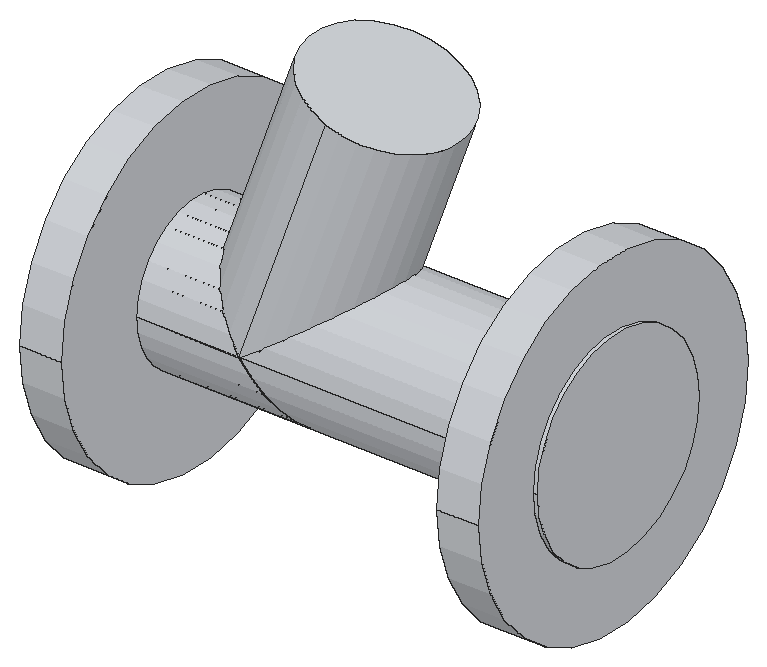
Revit family "447-DN050-RFA_2018", category Pipe Accessories, Revit 2018
Family settings
  Round Connector Dimension = Use Diameter
  Part Type = Valve - Breaks Into
  Work Plane-Based = No
  Always vertical = Yes
  Cut with Voids When Loaded = No
  Shared = No
Parameters (values of type "447-DN050")
  magiProductId = "5ed7087ff739473a8b86e2dbbe5062"
  magiProductFamilyId = "b72cb932c1b3471491e3d369876ba1"
  magiPartTypeId = 304
  isMeasuringValve [instance] = no
  ang2D [instance] = 0.00°
  X2 = 42.71 mm
  X1 = 32.2 mm
  W2D = 100 mm
  VersionID = "2.0/2017.9.26.1/ZETKAMA_447_001"
  Use Minimum Symbol Size [instance] = yes
  URL = "http://www.hydronix.cz"
  Type Comments = "přírubový; PN16; -10~+120°C"
  S = 99 mm
  QmdConnectorList = "301;D;302;D"
  Productdata [instance] = ""
  Manufacturer = "Hydronix"
  MC Product Code = "447 050 (DN50; PN16 kvs32,15)"
  MC Piping Given Pressure Drop [instance] = 0.0 Pa
  LM1 = 18.4 mm
  LM = 184 mm
  L2D_Min = 3048 mm
  L2D = 350 mm
  L2 = 115 mm
  HH1 = 117.345 mm
  FD = 165 mm
  Description = "Ruční vyvažovací ventil přírubový; DN50; PN16; kvs32,15"
  DT = 74 mm
  D = 50 mm
  CC = 2.3 mm
  CAT0 = yes
  C1 = 20.7 mm
  C = 23 mm
Types (10, lengths in mm): name | magiProductId | X2 | X1 | S | MC Product Code | LM1 | LM | L2 | HH1 | FD | Description | DT | D | CC | C1 | C
  447-DN100 | "98b46d48787042dd9a812fc0797c69" | 79.261 | 49 | 156 | "447 100 (DN100; PN16 kvs184,7)" | 28 | 280 | 175 | 217.769 | 220 | "Ruční vyvažovací ventil přírubový; DN100; PN16; kvs184,7" | 130 | 100 | 3.5 | 31.5 | 35
  447-DN125 | "02b47ccb17f74d08923d86f3fe118e" | 86.541 | 56 | 184 | "447 125 (DN125; PN16 kvs285,1)" | 32 | 320 | 200 | 237.769 | 250 | "Ruční vyvažovací ventil přírubový; DN125; PN16; kvs285,1" | 130 | 125 | 4 | 36 | 40
  447-DN150 | "7f7b5672e2b748ca8839732ddacd1d" | 95.64 | 67.2 | 211 | "447 150 (DN150; PN16 kvs390,2)" | 38.4 | 384 | 240 | 262.769 | 285 | "Ruční vyvažovací ventil přírubový; DN150; PN16; kvs390,2" | 130 | 150 | 4.8 | 43.2 | 48
  447-DN200 | "e1019e6fc9b647ceac6d31797e2f53" | 155.411 | 84 | 266 | "447 200 (DN200; PN16 kvs710)" | 48 | 480 | 300 | 426.987 | 340 | "Ruční vyvažovací ventil přírubový; DN200; PN16; kvs710" | 310 | 200 | 6 | 54 | 60
  447-DN250 | "a0eac83e29f84220b7ba68901aa49e" | 171.789 | 102.2 | 319 | "447 250 (DN250; PN16 kvs1188)" | 58.4 | 584 | 365 | 471.987 | 405 | "Ruční vyvažovací ventil přírubový; DN250; PN16; kvs1188" | 310 | 250 | 7.3 | 65.7 | 73
  447-DN300 | "476300b2e87f4f20bd49d272c44436" | 175.429 | 119 | 370 | "447 300 (DN300; PN16 kvs1504)" | 68 | 680 | 425 | 481.987 | 460 | "Ruční vyvažovací ventil přírubový; DN300; PN16; kvs1504" | 310 | 300 | 8.5 | 76.5 | 85
  447-DN040 | "1b02107dafeb4f5588628c478854c2" | 42.71 | 28 | 84 | "447 040 (DN40; PN16 kvs22,36)" | 16 | 160 | 100 | 117.345 | 150 | "Ruční vyvažovací ventil přírubový; DN40; PN16; kvs22,36" | 74 | 40 | 2 | 18 | 20
  447-DN050 | "5ed7087ff739473a8b86e2dbbe5062" | 42.71 | 32.2 | 99 | "447 050 (DN50; PN16 kvs32,15)" | 18.4 | 184 | 115 | 117.345 | 165 | "Ruční vyvažovací ventil přírubový; DN50; PN16; kvs32,15" | 74 | 50 | 2.3 | 20.7 | 23
  447-DN065 | "bd77367604f142d88050bf73c88c7b" | 71.982 | 40.6 | 118 | "447 065 (DN65; PN16 kvs88,8)" | 23.2 | 232 | 145 | 197.769 | 185 | "Ruční vyvažovací ventil přírubový; DN65; PN16; kvs88,8" | 130 | 65 | 2.9 | 26.1 | 29
  447-DN080 | "7399fcf493614c92ad9035a8ac3adf" | 71.982 | 43.4 | 132 | "447 080 (DN80; PN16 kvs113,4)" | 24.8 | 248 | 155 | 197.769 | 200 | "Ruční vyvažovací ventil přírubový; DN80; PN16; kvs113,4" | 130 | 80 | 3.1 | 27.9 | 31
Reference planes
  plane 1 "Center (Front/Back)": y = 0
  plane 2 "XYPLANE": z = 0
  plane 3 "Center (Left/Right)": x = 0
  plane 4 "110": x = 1.31
  plane 5 "109": z = 117.345
  plane 6 "108": x = -41.4
  plane 7 "107": x = 112.7
  plane 8 "106": x = -112.7
  plane 9 "105": z = 0
  plane 10 "104": y = 0
  plane 11 "103": x = -115
  plane 12 "102": x = 115
  plane 13 "100": x = -92
  plane 14 "99": x = 92
  plane 15 "98": x = -73.6
Forms (mm)
  Extrusion 1, solid, visible <- "CAT0"
    sketch origin (-92, -750, 0) x (0, 1, 0) y (0, 0, 1)
      loop
        circle (750, 0) r 37
    from 0 to 184 <- "LM"
  Sweep 2, solid, visible <- "CAT0"
    path origin (750, 0, 0) x (-1, 0, 0) y (0, 0, 1)
      loop
        line (842, 0) -> (791.4, 0) -> (748.69, 117.345)
    profile origin (-92, 0, 0) x (0, 0, -1) y (0, 1, 0)
      loop
        circle (0, 0) r 37
  Extrusion 3, solid
    sketch origin (112.7, -750, 0) x (0, 1, 0) y (0, 0, 1)
      loop
        circle (750, 0) r 49.5
    from 0 to 2.3 <- "CC"
  Extrusion 4, solid
    sketch origin (92, -750, 0) x (0, 1, 0) y (0, 0, 1)
      loop
        circle (750, 0) r 82.5
    from 0 to 20.7 <- "C1"
  Extrusion 5, solid
    sketch origin (-112.7, -750, 0) x (0, 1, 0) y (0, 0, 1)
      loop
        circle (750, 0) r 82.5
    from 0 to 20.7 <- "C1"
  Extrusion 6, solid
    sketch origin (-115, -750, 0) x (0, 1, 0) y (0, 0, 1)
      loop
        circle (750, 0) r 49.5
    from 0 to 2.3 <- "CC"
  Extrusion 7, solid, not visible
    sketch origin (-115, -750, 0) x (0, 1, 0) y (0, 0, 1)
      loop
        circle (750, 0) r 10
    from 0 to 10
  Extrusion 8, solid, not visible
    sketch origin (115, -750, 0) x (0, 1, 0) y (0, 0, 1)
      loop
        circle (750, 0) r 10
    from 0 to -10
Lines and regions (mm)
  reference lines, not visible
    curve 1: circle (2, 2, 0) r 1 normal (0, 0, 1)
Dimensions and locks
  plane 1 "Center (Front/Back)" to curve 1 = 2 mm
  "X2": plane 6 "108" to plane 4 "110"
  "HH1": plane 2 "XYPLANE" to plane 5 "109"
  "X1": plane 15 "98" to plane 6 "108"
  "C1": plane 14 "99" to plane 7 "107"
  "CC": plane 11 "103" to plane 8 "106"
  locked: plane 2 "XYPLANE" to plane 9 "105"
  locked: plane 1 "Center (Front/Back)" to plane 10 "104"
  "L2": plane 3 "Center (Left/Right)" to plane 11 "103"
  "L2": plane 3 "Center (Left/Right)" to plane 12 "102"
  "C": plane 11 "103" to plane 13 "100"
  "LM": plane 13 "100" to plane 14 "99"
  "LM1": plane 13 "100" to plane 15 "98"
  Sweep 2 sketch curve to Sweep 2 sketch curve = 0 mm  (x2)
  "DT": diameter of Extrusion 1 sketch curve
  "DT": diameter of Sweep 2 sketch curve
  "S": diameter of Extrusion 3 sketch curve
  "FD": diameter of Extrusion 4 sketch curve
  "FD": diameter of Extrusion 5 sketch curve
  "S": diameter of Extrusion 6 sketch curve
  aligned and locked: level to plane 2 "XYPLANE"
  aligned and locked: plane 9 "105" to Extrusion 1 sketch curve
  aligned and locked: Extrusion 1 sketch curve to plane 10 "104"
  aligned and locked: plane 9 "105" to Sweep 2 sketch curve  (x3)
  aligned and locked: Sweep 2 sketch curve to plane 10 "104"
  aligned and locked: plane 13 "100" to Sweep 2 sketch curve
  aligned and locked: plane 6 "108" to Sweep 2 sketch curve
  aligned and locked: plane 4 "110" to Sweep 2 sketch curve
  aligned and locked: plane 5 "109" to Sweep 2 sketch curve
  aligned and locked: plane 9 "105" to Extrusion 3 sketch curve
  aligned and locked: Extrusion 3 sketch curve to plane 10 "104"
  aligned and locked: plane 9 "105" to Extrusion 4 sketch curve
  aligned and locked: Extrusion 4 sketch curve to plane 10 "104"
  aligned and locked: plane 9 "105" to Extrusion 5 sketch curve
  aligned and locked: Extrusion 5 sketch curve to plane 10 "104"
  aligned and locked: plane 9 "105" to Extrusion 6 sketch curve
  aligned and locked: Extrusion 6 sketch curve to plane 10 "104"
  aligned and locked: plane 9 "105" to Extrusion 7 sketch curve
  aligned and locked: Extrusion 7 sketch curve to plane 10 "104"
  aligned and locked: plane 9 "105" to Extrusion 8 sketch curve
  aligned and locked: Extrusion 8 sketch curve to plane 10 "104"
Automatic sketch dimensions
  plane 1 "Center (Front/Back)" to Extrusion 7 sketch curve = 10 mm
  plane 1 "Center (Front/Back)" to Extrusion 8 sketch curve = 10 mm
  plane 3 "Center (Left/Right)" to curve 1 = 2 mm
  radius of curve 1 = 1 mm
Connectors
  piping at (-115, 0, 0), diameter 50, driven by "D"
    settings: on Extrusion 7, index 1, connector inside diameter 609.6 mm, connector length 0 mm, flow factor 0, pipe flow 0.0 L/s, pressure drop 0.0 Pa, fitting loss kfactor 0, connector angle 0.00°, fixture units 0, engagement length 0 mm, angle of deflection 0.00°, flow configuration 0, flow direction 0, fitting loss method 0, system type 29, joint type 0, gender type 0, connector reference index 2, connector utility 0, adjustable connector no, is connector primary yes, connector description ""
  piping at (115, 0, 0), diameter 50, driven by "D"
    settings: on Extrusion 8, index 2, connector inside diameter 609.6 mm, connector length 0 mm, flow factor 0, pipe flow 0.0 L/s, pressure drop 0.0 Pa, fitting loss kfactor 0, connector angle 0.00°, fixture units 0, engagement length 0 mm, angle of deflection 0.00°, flow configuration 0, flow direction 0, fitting loss method 0, system type 29, joint type 0, gender type 0, connector reference index 1, connector utility 0, adjustable connector no, is connector primary no, connector description ""
